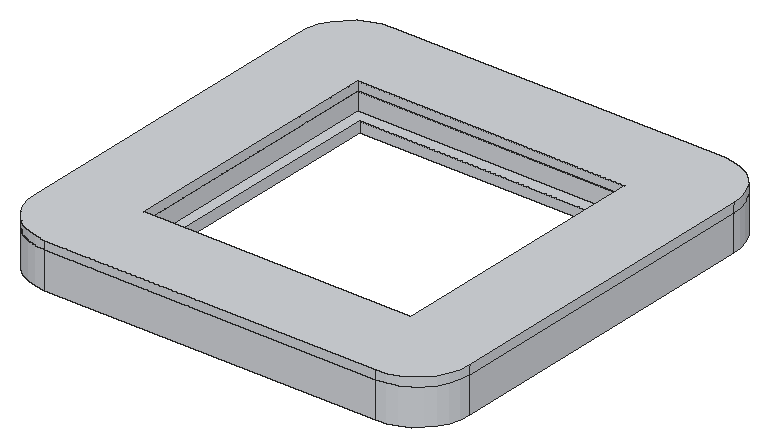
Revit family "Gira_0211415", category Electrical Fixtures, host Face, Revit 2017
Family settings
  Host = Face
  Maintain Annotation Orientation = No
  Round Connector Dimension = Use Diameter
  Part Type = Normal
  Cut with Voids When Loaded = No
  Shared = No
  Room Calculation Point = No
Parameters (values of type "Cov.fr. 1-g Gira E3 grey green/p.white")
  URL = "http://katalog.gira.de/en/datenblatt.html?artikelnr=0211415"
  Transparent = "No"
  Name = "Cov.fr. 1-g Gira E3 grey green/p.white"
  Manufacturer URL = "https://www.gira.de/"
  Manufacturer = "Gira"
  Keynote = ""
  HeinzeBIM = "https://bimportal.heinze.de/bim/cov-fr-1-g-gira-e3-grey-green-p-white/7598f2d5624ec85c5fda0a0a3dffb01a86d5150f"
  HAN = "0211415"
  GTIN = "4010337024262"
  Description = "Cov.fr.1g E3 GgnPw,Gira E3 cover frame,grey green soft touch with pure white glossy intermediate frame,1-gang,Features:,- Shatter-proof.,,Notes :,- Soft-touch surface,- NCS value: approx. NCS S 4005-G50Y"
  Default Elevation = 1219.2 mm
  Data sheet (1) = "https://katalog.gira.de/en/download.html?artikelnr=0211415"
  Category = "Cover frame for domestic switching devices"
  BIM (1) = "https://media.stage.bim.site/public/gira/36a6b08/E3_Rahmen_1fach.rfa"
  Available = "No"
Reference planes
  plane 1 "Center (Front/Back)": y = 0
  plane 2: z = 0
  plane 3 "Center (Left/Right)": x = 0
Forms (mm)
  Extrusion 1, solid, detail levels fine
    sketch origin (0, 0, 0) x (1, 0, 0) y (0, 1, 0)
      loop
        arc (-34.8, 45.809) -> (-42.585, 42.585) -> (-45.809, 34.8) r 11.009
        line (-45.809, 34.8) -> (-45.809, -34.8)
        arc (-45.809, -34.8) -> (-42.585, -42.585) -> (-34.8, -45.809) r 11.009
        line (-34.8, -45.809) -> (34.8, -45.809)
        arc (34.8, -45.809) -> (42.585, -42.585) -> (45.809, -34.8) r 11.009
        line (45.809, -34.8) -> (45.809, 34.8)
        arc (45.809, 34.8) -> (42.585, 42.585) -> (34.8, 45.809) r 11.009
        line (34.8, 45.809) -> (-34.8, 45.809)
      loop
        line (28.187, 28.156) -> (-28.187, 28.156) -> (-28.187, -28.156) -> (28.187, -28.156) -> (28.187, 28.156)
    from 7.65 to 9.5
  Extrusion 2, solid, detail levels fine
    sketch origin (0, 0, 0) x (1, 0, 0) y (0, 1, 0)
      loop
        line (25.7, 25.7) -> (-25.7, 25.7) -> (-25.7, -25.7) -> (25.7, -25.7) -> (25.7, 25.7)
      loop
        line (-28.187, -28.156) -> (28.187, -28.156) -> (28.187, 28.156) -> (-28.187, 28.156) -> (-28.187, -28.156)
    from 1.65 to 3.9
  Extrusion 3, solid, detail levels fine
    sketch origin (0, 0, 0) x (1, 0, 0) y (0, 1, 0)
      loop
        arc (-34.8, 45.809) -> (-42.585, 42.585) -> (-45.809, 34.8) r 11.009
        line (-45.809, 34.8) -> (-45.809, -34.8)
        arc (-45.809, -34.8) -> (-42.585, -42.585) -> (-34.8, -45.809) r 11.009
        line (-34.8, -45.809) -> (34.8, -45.809)
        arc (34.8, -45.809) -> (42.585, -42.585) -> (45.809, -34.8) r 11.009
        line (45.809, -34.8) -> (45.809, 34.8)
        arc (45.809, 34.8) -> (42.585, 42.585) -> (34.8, 45.809) r 11.009
        line (34.8, 45.809) -> (-34.8, 45.809)
      loop
        line (-43.843, 34.785) -> (-43.843, -34.785)
        arc (-43.843, -34.785) -> (-41.19, -41.19) -> (-34.785, -43.843) r 9.058
        line (-34.785, -43.843) -> (34.785, -43.843)
        arc (34.785, -43.843) -> (41.19, -41.19) -> (43.843, -34.785) r 9.058
        line (43.843, -34.785) -> (43.843, 34.785)
        arc (43.843, 34.785) -> (41.19, 41.19) -> (34.785, 43.843) r 9.058
        line (34.785, 43.843) -> (-34.785, 43.843)
        arc (-34.785, 43.843) -> (-41.19, 41.19) -> (-43.843, 34.785) r 9.058
    from 0 to 7.65
  Extrusion 4, solid, detail levels fine
    sketch origin (0, 0, 0) x (1, 0, 0) y (0, 1, 0)
      loop
        line (-27.337, -31.075) -> (27.337, -31.075)
        arc (27.337, -31.075) -> (29.98, -29.98) -> (31.075, -27.337) r 3.739
        line (31.075, -27.337) -> (31.075, 27.337)
        arc (31.075, 27.337) -> (29.98, 29.98) -> (27.337, 31.075) r 3.739
        line (27.337, 31.075) -> (-27.337, 31.075)
        arc (-27.337, 31.075) -> (-29.98, 29.98) -> (-31.075, 27.337) r 3.739
        line (-31.075, 27.337) -> (-31.075, -27.337)
        arc (-31.075, -27.337) -> (-29.98, -29.98) -> (-27.337, -31.075) r 3.739
      loop
        line (-29.925, 27.537) -> (-29.925, -27.537)
        arc (-29.925, -27.537) -> (-29.226, -29.226) -> (-27.537, -29.925) r 2.389
        line (-27.537, -29.925) -> (27.537, -29.925)
        arc (27.537, -29.925) -> (29.226, -29.226) -> (29.925, -27.537) r 2.389
        line (29.925, -27.537) -> (29.925, 27.537)
        arc (29.925, 27.537) -> (29.226, 29.226) -> (27.537, 29.925) r 2.389
        line (27.537, 29.925) -> (-27.537, 29.925)
        arc (-27.537, 29.925) -> (-29.226, 29.226) -> (-29.925, 27.537) r 2.389
    from 1.65 to 7.65
  Extrusion 5, solid, detail levels fine
    sketch origin (0, 0, 0) x (1, 0, 0) y (0, 1, 0)
      loop
        line (-32.053, -39.8) -> (32.053, -39.8)
        arc (32.053, -39.8) -> (37.667, -36.708) -> (39.9, -30.7) r 9.2
        line (39.9, -30.7) -> (39.9, 30.7)
        arc (39.9, 30.7) -> (37.205, 37.205) -> (30.7, 39.9) r 9.2
        line (30.7, 39.9) -> (-30.7, 39.9)
        arc (-30.7, 39.9) -> (-37.205, 37.205) -> (-39.9, 30.7) r 9.2
        line (-39.9, 30.7) -> (-39.9, -30.7)
        arc (-39.9, -30.7) -> (-37.667, -36.708) -> (-32.053, -39.8) r 9.2
      loop
        line (-30.7, -31.7) -> (30.7, -31.7)
        arc (30.7, -31.7) -> (31.407, -31.407) -> (31.7, -30.7) r 1
        line (31.7, -30.7) -> (31.7, 30.7)
        arc (31.7, 30.7) -> (31.407, 31.407) -> (30.7, 31.7) r 1
        line (30.7, 31.7) -> (-30.7, 31.7)
        arc (-30.7, 31.7) -> (-31.407, 31.407) -> (-31.7, 30.7) r 1
        line (-31.7, 30.7) -> (-31.7, -30.7)
        arc (-31.7, -30.7) -> (-31.407, -31.407) -> (-30.7, -31.7) r 1
    from 1.65 to 3.9
  Extrusion 6, solid, detail levels fine
    sketch origin (0, 0, 0) x (1, 0, 0) y (0, 1, 0)
      loop
        line (-28.187, 28.156) -> (-28.187, -28.156) -> (28.187, -28.156) -> (28.187, 28.156) -> (-28.187, 28.156)
      loop
        line (-29.925, 29.925) -> (-29.925, -29.925) -> (29.925, -29.925) -> (29.925, 29.925) -> (-29.925, 29.925)
    from 1.65 to 7.65
  Extrusion 7, solid, detail levels coarse+medium
    sketch origin (0, 0, 0) x (1, 0, 0) y (0, 1, 0)
      loop
        line (-45.809, 45.809) -> (-45.809, -45.809) -> (45.809, -45.809) -> (45.809, 45.809) -> (-45.809, 45.809)
    from 0 to 9.5
Dimensions and locks
  aligned and locked: plane 2 to host face
  aligned and locked: level to host face
